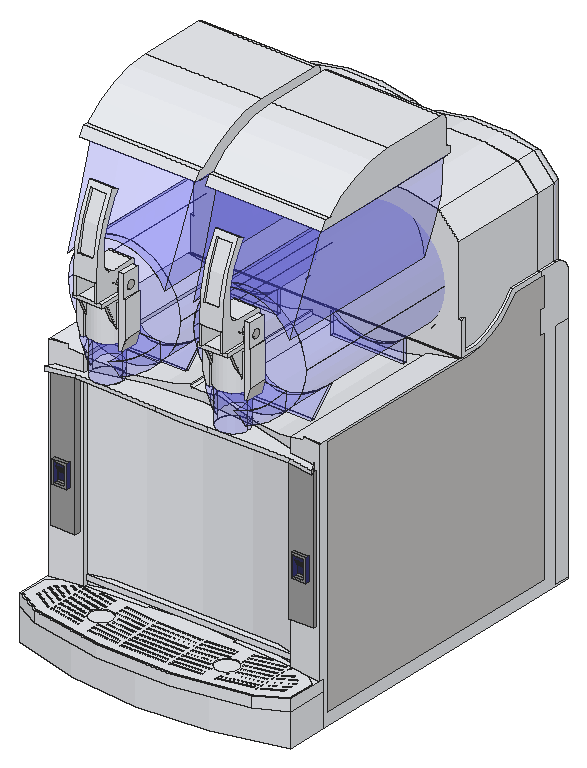
Revit family "QF_ELECTROLUXPROFESSIONAL_560050_NINA2UK", category Specialty Equipment, Revit 2018 (continued)
Automatic sketch dimensions
  curve 30 to curve 58 = 0.0 mm  (x2)
  curve 30 to curve 59 = 0.0 mm  (x2)
  curve 30 to curve 60 = 0.0 mm  (x2)
  curve 30 to curve 61 = 0.0 mm  (x2)
  curve 30 to curve 62 = 0.0 mm  (x2)
  curve 30 to curve 63 = 0.0 mm  (x2)
  curve 30 to curve 64 = 0.0 mm  (x2)
  curve 30 to curve 65 = 0.0 mm  (x2)
  curve 30 to curve 66 = 0.0 mm  (x2)
  curve 30 to curve 67 = 0.0 mm  (x2)
  curve 30 to curve 68 = 0.0 mm  (x2)
  curve 30 to curve 69 = 0.0 mm  (x2)
  curve 30 to curve 70 = 0.0 mm  (x2)
  curve 30 to curve 71 = 0.0 mm  (x2)
  curve 30 to curve 72 = 0.0 mm  (x2)
  curve 30 to curve 91 = 0.0 mm  (x2)
  curve 30 to curve 92 = 0.0 mm  (x2)
  curve 30 to curve 93 = 0.0 mm  (x2)
  curve 30 to curve 94 = 0.0 mm  (x2)
  curve 30 to curve 95 = 0.0 mm  (x2)
  curve 30 to curve 96 = 0.0 mm  (x2)
  curve 30 to curve 97 = 0.0 mm  (x2)
  curve 30 to curve 98 = 0.0 mm  (x2)
  curve 30 to curve 99 = 0.0 mm  (x2)
  curve 30 to curve 100 = 0.0 mm  (x2)
  curve 30 to curve 101 = 0.0 mm  (x2)
  curve 30 to curve 116 = 0.0 mm  (x2)
  curve 30 to curve 117 = 0.0 mm  (x2)
  curve 30 to curve 134 = 0.0 mm  (x2)
  curve 30 to curve 135 = 0.0 mm  (x2)
  curve 30 to curve 136 = 0.0 mm  (x2)
  curve 30 to curve 137 = 0.0 mm  (x2)
  curve 30 to curve 138 = 0.0 mm  (x2)
  curve 30 to curve 139 = 0.0 mm  (x2)
  curve 30 to curve 140 = 0.0 mm  (x2)
  curve 30 to curve 141 = 0.0 mm  (x2)
  curve 30 to curve 142 = 0.0 mm  (x2)
  curve 30 to curve 143 = 0.0 mm  (x2)
  curve 30 to curve 144 = 0.0 mm  (x2)
  curve 30 to curve 145 = 0.0 mm  (x2)
  curve 30 to curve 146 = 0.0 mm  (x2)
  curve 30 to curve 147 = 0.0 mm  (x2)
  curve 30 to curve 148 = 0.0 mm  (x2)
  curve 30 to curve 167 = 0.0 mm  (x2)
  curve 30 to curve 168 = 0.0 mm  (x2)
  curve 30 to curve 169 = 0.0 mm  (x2)
  curve 30 to curve 170 = 0.0 mm  (x2)
  curve 30 to curve 171 = 0.0 mm  (x2)
  curve 30 to curve 172 = 0.0 mm  (x2)
  curve 30 to curve 173 = 0.0 mm  (x2)
  curve 30 to curve 174 = 0.0 mm  (x2)
  curve 30 to curve 175 = 0.0 mm  (x2)
  curve 30 to curve 176 = 0.0 mm  (x2)
  curve 30 to curve 177 = 0.0 mm  (x2)
  curve 31 to curve 32 = 0.0 mm  (x2)
  curve 31 to curve 33 = 0.0 mm  (x2)
  curve 31 to curve 34 = 0.0 mm  (x2)
  curve 31 to curve 35 = 0.0 mm  (x2)
  curve 31 to curve 36 = 0.0 mm  (x2)
  curve 31 to curve 37 = 0.0 mm  (x2)
  curve 31 to curve 38 = 0.0 mm  (x2)
  curve 31 to curve 39 = 0.0 mm  (x2)
  curve 31 to curve 40 = 0.0 mm  (x2)
  curve 31 to curve 41 = 0.0 mm  (x2)
  curve 31 to curve 58 = 0.0 mm  (x2)
  curve 31 to curve 59 = 0.0 mm  (x2)
  curve 31 to curve 60 = 0.0 mm  (x2)
  curve 31 to curve 61 = 0.0 mm  (x2)
  curve 31 to curve 62 = 0.0 mm  (x2)
  curve 31 to curve 63 = 0.0 mm  (x2)
  curve 31 to curve 64 = 0.0 mm  (x2)
  curve 31 to curve 65 = 0.0 mm  (x2)
  curve 31 to curve 66 = 0.0 mm  (x2)
  curve 31 to curve 67 = 0.0 mm  (x2)
  curve 31 to curve 68 = 0.0 mm  (x2)
  curve 31 to curve 69 = 0.0 mm  (x2)
  curve 31 to curve 70 = 0.0 mm  (x2)
  curve 31 to curve 71 = 0.0 mm  (x2)
  curve 31 to curve 72 = 0.0 mm  (x2)
  curve 31 to curve 91 = 0.0 mm  (x2)
  curve 31 to curve 92 = 0.0 mm  (x2)
  curve 31 to curve 93 = 0.0 mm  (x2)
  curve 31 to curve 94 = 0.0 mm  (x2)
  curve 31 to curve 95 = 0.0 mm  (x2)
  curve 31 to curve 96 = 0.0 mm  (x2)
  curve 31 to curve 97 = 0.0 mm  (x2)
  curve 31 to curve 98 = 0.0 mm  (x2)
  curve 31 to curve 99 = 0.0 mm  (x2)
  curve 31 to curve 100 = 0.0 mm  (x2)
  curve 31 to curve 101 = 0.0 mm  (x2)
  curve 31 to curve 116 = 0.0 mm  (x2)
  curve 31 to curve 117 = 0.0 mm  (x2)
  curve 31 to curve 134 = 0.0 mm  (x2)
  curve 31 to curve 135 = 0.0 mm  (x2)
  curve 31 to curve 136 = 0.0 mm  (x2)
  curve 31 to curve 137 = 0.0 mm  (x2)
  curve 31 to curve 138 = 0.0 mm  (x2)
  curve 31 to curve 139 = 0.0 mm  (x2)
  curve 31 to curve 140 = 0.0 mm  (x2)
  curve 31 to curve 141 = 0.0 mm  (x2)
  curve 31 to curve 142 = 0.0 mm  (x2)
  curve 31 to curve 143 = 0.0 mm  (x2)
  curve 31 to curve 144 = 0.0 mm  (x2)
  curve 31 to curve 145 = 0.0 mm  (x2)
  curve 31 to curve 146 = 0.0 mm  (x2)
  curve 31 to curve 147 = 0.0 mm  (x2)
  curve 31 to curve 148 = 0.0 mm  (x2)
  curve 31 to curve 167 = 0.0 mm  (x2)
  curve 31 to curve 168 = 0.0 mm  (x2)
  curve 31 to curve 169 = 0.0 mm  (x2)
  curve 31 to curve 170 = 0.0 mm  (x2)
  curve 31 to curve 171 = 0.0 mm  (x2)
  curve 31 to curve 172 = 0.0 mm  (x2)
  curve 31 to curve 173 = 0.0 mm  (x2)
  curve 31 to curve 174 = 0.0 mm  (x2)
  curve 31 to curve 175 = 0.0 mm  (x2)
  curve 31 to curve 176 = 0.0 mm  (x2)
  curve 31 to curve 177 = 0.0 mm  (x2)
  curve 32 to curve 33 = 0.0 mm  (x2)
  curve 32 to curve 34 = 0.0 mm  (x2)
  curve 32 to curve 35 = 0.0 mm  (x2)
  curve 32 to curve 36 = 0.0 mm  (x2)
  curve 32 to curve 37 = 0.0 mm  (x2)
  curve 32 to curve 38 = 0.0 mm  (x2)
  curve 32 to curve 39 = 0.0 mm  (x2)
  curve 32 to curve 40 = 0.0 mm  (x2)
  curve 32 to curve 41 = 0.0 mm  (x2)
  curve 32 to curve 58 = 0.0 mm  (x2)
  curve 32 to curve 59 = 0.0 mm  (x2)
  curve 32 to curve 60 = 0.0 mm  (x2)
  curve 32 to curve 61 = 0.0 mm  (x2)
  curve 32 to curve 62 = 0.0 mm  (x2)
  curve 32 to curve 63 = 0.0 mm  (x2)
  curve 32 to curve 64 = 0.0 mm  (x2)
  curve 32 to curve 65 = 0.0 mm  (x2)
  curve 32 to curve 66 = 0.0 mm  (x2)
  curve 32 to curve 67 = 0.0 mm  (x2)
  curve 32 to curve 68 = 0.0 mm  (x2)
  curve 32 to curve 69 = 0.0 mm  (x2)
  curve 32 to curve 70 = 0.0 mm  (x2)
  curve 32 to curve 71 = 0.0 mm  (x2)
  curve 32 to curve 72 = 0.0 mm  (x2)
  curve 32 to curve 91 = 0.0 mm  (x2)
  curve 32 to curve 92 = 0.0 mm  (x2)
  curve 32 to curve 93 = 0.0 mm  (x2)
  curve 32 to curve 94 = 0.0 mm  (x2)
  curve 32 to curve 95 = 0.0 mm  (x2)
  curve 32 to curve 96 = 0.0 mm  (x2)
  curve 32 to curve 97 = 0.0 mm  (x2)
  curve 32 to curve 98 = 0.0 mm  (x2)
  curve 32 to curve 99 = 0.0 mm  (x2)
  curve 32 to curve 100 = 0.0 mm  (x2)
  curve 32 to curve 101 = 0.0 mm  (x2)
  curve 32 to curve 116 = 0.0 mm  (x2)
  curve 32 to curve 117 = 0.0 mm  (x2)
  curve 32 to curve 134 = 0.0 mm  (x2)
  curve 32 to curve 135 = 0.0 mm  (x2)
  curve 32 to curve 136 = 0.0 mm  (x2)
  curve 32 to curve 137 = 0.0 mm  (x2)
  curve 32 to curve 138 = 0.0 mm  (x2)
  curve 32 to curve 139 = 0.0 mm  (x2)
  curve 32 to curve 140 = 0.0 mm  (x2)
  curve 32 to curve 141 = 0.0 mm  (x2)
  curve 32 to curve 142 = 0.0 mm  (x2)
  curve 32 to curve 143 = 0.0 mm  (x2)
  curve 32 to curve 144 = 0.0 mm  (x2)
  curve 32 to curve 145 = 0.0 mm  (x2)
  curve 32 to curve 146 = 0.0 mm  (x2)
  curve 32 to curve 147 = 0.0 mm  (x2)
  curve 32 to curve 148 = 0.0 mm  (x2)
  curve 32 to curve 167 = 0.0 mm  (x2)
  curve 32 to curve 168 = 0.0 mm  (x2)
  curve 32 to curve 169 = 0.0 mm  (x2)
  curve 32 to curve 170 = 0.0 mm  (x2)
  curve 32 to curve 171 = 0.0 mm  (x2)
  curve 32 to curve 172 = 0.0 mm  (x2)
  curve 32 to curve 173 = 0.0 mm  (x2)
  curve 32 to curve 174 = 0.0 mm  (x2)
  curve 32 to curve 175 = 0.0 mm  (x2)
  curve 32 to curve 176 = 0.0 mm  (x2)
  curve 32 to curve 177 = 0.0 mm  (x2)
  curve 33 to curve 34 = 0.0 mm  (x2)
  curve 33 to curve 35 = 0.0 mm  (x2)
  curve 33 to curve 36 = 0.0 mm  (x2)
  curve 33 to curve 37 = 0.0 mm  (x2)
  curve 33 to curve 38 = 0.0 mm  (x2)
  curve 33 to curve 39 = 0.0 mm  (x2)
  curve 33 to curve 40 = 0.0 mm  (x2)
  curve 33 to curve 41 = 0.0 mm  (x2)
  curve 33 to curve 58 = 0.0 mm  (x2)
  curve 33 to curve 59 = 0.0 mm  (x2)
  curve 33 to curve 60 = 0.0 mm  (x2)
  curve 33 to curve 61 = 0.0 mm  (x2)
  curve 33 to curve 62 = 0.0 mm  (x2)
  curve 33 to curve 63 = 0.0 mm  (x2)
  curve 33 to curve 64 = 0.0 mm  (x2)
  curve 33 to curve 65 = 0.0 mm  (x2)
  curve 33 to curve 66 = 0.0 mm  (x2)
  curve 33 to curve 67 = 0.0 mm  (x2)
  curve 33 to curve 68 = 0.0 mm  (x2)
  curve 33 to curve 69 = 0.0 mm  (x2)
  curve 33 to curve 70 = 0.0 mm  (x2)
  curve 33 to curve 71 = 0.0 mm  (x2)
  curve 33 to curve 72 = 0.0 mm  (x2)
  curve 33 to curve 91 = 0.0 mm  (x2)
  curve 33 to curve 92 = 0.0 mm  (x2)
  curve 33 to curve 93 = 0.0 mm  (x2)
  curve 33 to curve 94 = 0.0 mm  (x2)
  curve 33 to curve 95 = 0.0 mm  (x2)
  curve 33 to curve 96 = 0.0 mm  (x2)
  curve 33 to curve 97 = 0.0 mm  (x2)
  curve 33 to curve 98 = 0.0 mm  (x2)
  curve 33 to curve 99 = 0.0 mm  (x2)
  curve 33 to curve 100 = 0.0 mm  (x2)
  curve 33 to curve 101 = 0.0 mm  (x2)
  curve 33 to curve 116 = 0.0 mm  (x2)
  curve 33 to curve 117 = 0.0 mm  (x2)
  curve 33 to curve 134 = 0.0 mm  (x2)
  curve 33 to curve 135 = 0.0 mm  (x2)
  curve 33 to curve 136 = 0.0 mm  (x2)
  curve 33 to curve 137 = 0.0 mm  (x2)
  curve 33 to curve 138 = 0.0 mm  (x2)
  curve 33 to curve 139 = 0.0 mm  (x2)
  curve 33 to curve 140 = 0.0 mm  (x2)
  curve 33 to curve 141 = 0.0 mm  (x2)
  curve 33 to curve 142 = 0.0 mm  (x2)
  curve 33 to curve 143 = 0.0 mm  (x2)
  curve 33 to curve 144 = 0.0 mm  (x2)
  curve 33 to curve 145 = 0.0 mm  (x2)
  curve 33 to curve 146 = 0.0 mm  (x2)
  curve 33 to curve 147 = 0.0 mm  (x2)
  curve 33 to curve 148 = 0.0 mm  (x2)
  curve 33 to curve 167 = 0.0 mm  (x2)
  curve 33 to curve 168 = 0.0 mm  (x2)
  curve 33 to curve 169 = 0.0 mm  (x2)
  curve 33 to curve 170 = 0.0 mm  (x2)
  curve 33 to curve 171 = 0.0 mm  (x2)
  curve 33 to curve 172 = 0.0 mm  (x2)
  curve 33 to curve 173 = 0.0 mm  (x2)
  curve 33 to curve 174 = 0.0 mm  (x2)
  curve 33 to curve 175 = 0.0 mm  (x2)
  curve 33 to curve 176 = 0.0 mm  (x2)
  curve 33 to curve 177 = 0.0 mm  (x2)
  curve 34 to curve 35 = 0.0 mm  (x2)
  curve 34 to curve 36 = 0.0 mm  (x2)
  curve 34 to curve 37 = 0.0 mm  (x2)
  curve 34 to curve 38 = 0.0 mm  (x2)
  curve 34 to curve 39 = 0.0 mm  (x2)
  curve 34 to curve 40 = 0.0 mm  (x2)
  curve 34 to curve 41 = 0.0 mm  (x2)
  curve 34 to curve 58 = 0.0 mm  (x2)
  curve 34 to curve 59 = 0.0 mm  (x2)
  curve 34 to curve 60 = 0.0 mm  (x2)
  curve 34 to curve 61 = 0.0 mm  (x2)
  curve 34 to curve 62 = 0.0 mm  (x2)
  curve 34 to curve 63 = 0.0 mm  (x2)
  curve 34 to curve 64 = 0.0 mm  (x2)
  curve 34 to curve 65 = 0.0 mm  (x2)
  curve 34 to curve 66 = 0.0 mm  (x2)
  curve 34 to curve 67 = 0.0 mm  (x2)
  curve 34 to curve 68 = 0.0 mm  (x2)
  curve 34 to curve 69 = 0.0 mm  (x2)
  curve 34 to curve 70 = 0.0 mm  (x2)
  curve 34 to curve 71 = 0.0 mm  (x2)
  curve 34 to curve 72 = 0.0 mm  (x2)
  curve 34 to curve 91 = 0.0 mm  (x2)
  curve 34 to curve 92 = 0.0 mm  (x2)
  curve 34 to curve 93 = 0.0 mm  (x2)
  curve 34 to curve 94 = 0.0 mm  (x2)
  curve 34 to curve 95 = 0.0 mm  (x2)
  curve 34 to curve 96 = 0.0 mm  (x2)
  curve 34 to curve 97 = 0.0 mm  (x2)
  curve 34 to curve 98 = 0.0 mm  (x2)
  curve 34 to curve 99 = 0.0 mm  (x2)
  curve 34 to curve 100 = 0.0 mm  (x2)
  curve 34 to curve 101 = 0.0 mm  (x2)
  curve 34 to curve 116 = 0.0 mm  (x2)
  curve 34 to curve 117 = 0.0 mm  (x2)
  curve 34 to curve 134 = 0.0 mm  (x2)
  curve 34 to curve 135 = 0.0 mm  (x2)
  curve 34 to curve 136 = 0.0 mm  (x2)
  curve 34 to curve 137 = 0.0 mm  (x2)
  curve 34 to curve 138 = 0.0 mm  (x2)
  curve 34 to curve 139 = 0.0 mm  (x2)
  curve 34 to curve 140 = 0.0 mm  (x2)
  curve 34 to curve 141 = 0.0 mm  (x2)
  curve 34 to curve 142 = 0.0 mm  (x2)
  curve 34 to curve 143 = 0.0 mm  (x2)
  curve 34 to curve 144 = 0.0 mm  (x2)
  curve 34 to curve 145 = 0.0 mm  (x2)
  curve 34 to curve 146 = 0.0 mm  (x2)
  curve 34 to curve 147 = 0.0 mm  (x2)
  curve 34 to curve 148 = 0.0 mm  (x2)
  curve 34 to curve 167 = 0.0 mm  (x2)
  curve 34 to curve 168 = 0.0 mm  (x2)
  curve 34 to curve 169 = 0.0 mm  (x2)
  curve 34 to curve 170 = 0.0 mm  (x2)
  curve 34 to curve 171 = 0.0 mm  (x2)
  curve 34 to curve 172 = 0.0 mm  (x2)
  curve 34 to curve 173 = 0.0 mm  (x2)
  curve 34 to curve 174 = 0.0 mm  (x2)
  curve 34 to curve 175 = 0.0 mm  (x2)
  curve 34 to curve 176 = 0.0 mm  (x2)
  curve 34 to curve 177 = 0.0 mm  (x2)
  curve 35 to curve 36 = 0.0 mm  (x2)
  curve 35 to curve 37 = 0.0 mm  (x2)
  curve 35 to curve 38 = 0.0 mm  (x2)
  curve 35 to curve 39 = 0.0 mm  (x2)
  curve 35 to curve 40 = 0.0 mm  (x2)
  curve 35 to curve 41 = 0.0 mm  (x2)
  curve 35 to curve 58 = 0.0 mm  (x2)
  curve 35 to curve 59 = 0.0 mm  (x2)
  curve 35 to curve 60 = 0.0 mm  (x2)
  curve 35 to curve 61 = 0.0 mm  (x2)
  curve 35 to curve 62 = 0.0 mm  (x2)
  curve 35 to curve 63 = 0.0 mm  (x2)
  curve 35 to curve 64 = 0.0 mm  (x2)
  curve 35 to curve 65 = 0.0 mm  (x2)
  curve 35 to curve 66 = 0.0 mm  (x2)
  curve 35 to curve 67 = 0.0 mm  (x2)
  curve 35 to curve 68 = 0.0 mm  (x2)
  curve 35 to curve 69 = 0.0 mm  (x2)
  curve 35 to curve 70 = 0.0 mm  (x2)
  curve 35 to curve 71 = 0.0 mm  (x2)
  curve 35 to curve 72 = 0.0 mm  (x2)
  curve 35 to curve 91 = 0.0 mm  (x2)
  curve 35 to curve 92 = 0.0 mm  (x2)
  curve 35 to curve 93 = 0.0 mm  (x2)
  curve 35 to curve 94 = 0.0 mm  (x2)
  curve 35 to curve 95 = 0.0 mm  (x2)
  curve 35 to curve 96 = 0.0 mm  (x2)
  curve 35 to curve 97 = 0.0 mm  (x2)
  curve 35 to curve 98 = 0.0 mm  (x2)
  curve 35 to curve 99 = 0.0 mm  (x2)
  curve 35 to curve 100 = 0.0 mm  (x2)
  curve 35 to curve 101 = 0.0 mm  (x2)
  curve 35 to curve 116 = 0.0 mm  (x2)
  curve 35 to curve 117 = 0.0 mm  (x2)
  curve 35 to curve 134 = 0.0 mm  (x2)
  curve 35 to curve 135 = 0.0 mm  (x2)
  curve 35 to curve 136 = 0.0 mm  (x2)
  curve 35 to curve 137 = 0.0 mm  (x2)
  curve 35 to curve 138 = 0.0 mm  (x2)
  curve 35 to curve 139 = 0.0 mm  (x2)
  curve 35 to curve 140 = 0.0 mm  (x2)
  curve 35 to curve 141 = 0.0 mm  (x2)
  curve 35 to curve 142 = 0.0 mm  (x2)
  curve 35 to curve 143 = 0.0 mm  (x2)
  curve 35 to curve 144 = 0.0 mm  (x2)
  curve 35 to curve 145 = 0.0 mm  (x2)
  curve 35 to curve 146 = 0.0 mm  (x2)
  curve 35 to curve 147 = 0.0 mm  (x2)
  curve 35 to curve 148 = 0.0 mm  (x2)
  curve 35 to curve 167 = 0.0 mm  (x2)
  curve 35 to curve 168 = 0.0 mm  (x2)
  curve 35 to curve 169 = 0.0 mm  (x2)
  curve 35 to curve 170 = 0.0 mm  (x2)
  curve 35 to curve 171 = 0.0 mm  (x2)
  curve 35 to curve 172 = 0.0 mm  (x2)
  curve 35 to curve 173 = 0.0 mm  (x2)
  curve 35 to curve 174 = 0.0 mm  (x2)
  curve 35 to curve 175 = 0.0 mm  (x2)
  curve 35 to curve 176 = 0.0 mm  (x2)
  curve 35 to curve 177 = 0.0 mm  (x2)
  curve 36 to curve 37 = 0.0 mm  (x2)
  curve 36 to curve 38 = 0.0 mm  (x2)
  curve 36 to curve 39 = 0.0 mm  (x2)
  curve 36 to curve 40 = 0.0 mm  (x2)
  curve 36 to curve 41 = 0.0 mm  (x2)
  curve 36 to curve 58 = 0.0 mm  (x2)
  curve 36 to curve 59 = 0.0 mm  (x2)
  curve 36 to curve 60 = 0.0 mm  (x2)
  curve 36 to curve 61 = 0.0 mm  (x2)
  curve 36 to curve 62 = 0.0 mm  (x2)
  curve 36 to curve 63 = 0.0 mm  (x2)
  curve 36 to curve 64 = 0.0 mm  (x2)
  curve 36 to curve 65 = 0.0 mm  (x2)
  curve 36 to curve 66 = 0.0 mm  (x2)
  curve 36 to curve 67 = 0.0 mm  (x2)
  curve 36 to curve 68 = 0.0 mm  (x2)
  curve 36 to curve 69 = 0.0 mm  (x2)
  curve 36 to curve 70 = 0.0 mm  (x2)
  curve 36 to curve 71 = 0.0 mm  (x2)
  curve 36 to curve 72 = 0.0 mm  (x2)
  curve 36 to curve 91 = 0.0 mm  (x2)
  curve 36 to curve 92 = 0.0 mm  (x2)
  curve 36 to curve 93 = 0.0 mm  (x2)
  curve 36 to curve 94 = 0.0 mm  (x2)
  curve 36 to curve 95 = 0.0 mm  (x2)
  curve 36 to curve 96 = 0.0 mm  (x2)
  curve 36 to curve 97 = 0.0 mm  (x2)
  curve 36 to curve 98 = 0.0 mm  (x2)
  curve 36 to curve 99 = 0.0 mm  (x2)
  curve 36 to curve 100 = 0.0 mm  (x2)
  curve 36 to curve 101 = 0.0 mm  (x2)
  curve 36 to curve 116 = 0.0 mm  (x2)
  curve 36 to curve 117 = 0.0 mm  (x2)
  curve 36 to curve 134 = 0.0 mm  (x2)
  curve 36 to curve 135 = 0.0 mm  (x2)
  curve 36 to curve 136 = 0.0 mm  (x2)
  curve 36 to curve 137 = 0.0 mm  (x2)
  curve 36 to curve 138 = 0.0 mm  (x2)
  curve 36 to curve 139 = 0.0 mm  (x2)
  curve 36 to curve 140 = 0.0 mm  (x2)
  curve 36 to curve 141 = 0.0 mm  (x2)
  curve 36 to curve 142 = 0.0 mm  (x2)
  curve 36 to curve 143 = 0.0 mm  (x2)
  curve 36 to curve 144 = 0.0 mm  (x2)
  curve 36 to curve 145 = 0.0 mm  (x2)
  curve 36 to curve 146 = 0.0 mm  (x2)
  curve 36 to curve 147 = 0.0 mm  (x2)
  curve 36 to curve 148 = 0.0 mm  (x2)
  curve 36 to curve 167 = 0.0 mm  (x2)
  curve 36 to curve 168 = 0.0 mm  (x2)
  curve 36 to curve 169 = 0.0 mm  (x2)
  curve 36 to curve 170 = 0.0 mm  (x2)
  curve 36 to curve 171 = 0.0 mm  (x2)
  curve 36 to curve 172 = 0.0 mm  (x2)
  curve 36 to curve 173 = 0.0 mm  (x2)
  curve 36 to curve 174 = 0.0 mm  (x2)
  curve 36 to curve 175 = 0.0 mm  (x2)
  curve 36 to curve 176 = 0.0 mm  (x2)
  curve 36 to curve 177 = 0.0 mm  (x2)
  curve 37 to curve 38 = 0.0 mm  (x2)
  curve 37 to curve 39 = 0.0 mm  (x2)
  curve 37 to curve 40 = 0.0 mm  (x2)
  curve 37 to curve 41 = 0.0 mm  (x2)
  curve 37 to curve 58 = 0.0 mm  (x2)
  curve 37 to curve 59 = 0.0 mm  (x2)
  curve 37 to curve 60 = 0.0 mm  (x2)
  curve 37 to curve 61 = 0.0 mm  (x2)
  curve 37 to curve 62 = 0.0 mm  (x2)
  curve 37 to curve 63 = 0.0 mm  (x2)
  curve 37 to curve 64 = 0.0 mm  (x2)
  curve 37 to curve 65 = 0.0 mm  (x2)
  curve 37 to curve 66 = 0.0 mm  (x2)
  curve 37 to curve 67 = 0.0 mm  (x2)
  curve 37 to curve 68 = 0.0 mm  (x2)
  curve 37 to curve 69 = 0.0 mm  (x2)
  curve 37 to curve 70 = 0.0 mm  (x2)
  curve 37 to curve 71 = 0.0 mm  (x2)
  curve 37 to curve 72 = 0.0 mm  (x2)
  curve 37 to curve 91 = 0.0 mm  (x2)
  curve 37 to curve 92 = 0.0 mm  (x2)
  curve 37 to curve 93 = 0.0 mm  (x2)
  curve 37 to curve 94 = 0.0 mm  (x2)
  curve 37 to curve 95 = 0.0 mm  (x2)
  curve 37 to curve 96 = 0.0 mm  (x2)
  curve 37 to curve 97 = 0.0 mm  (x2)
  curve 37 to curve 98 = 0.0 mm  (x2)
  curve 37 to curve 99 = 0.0 mm  (x2)
  curve 37 to curve 100 = 0.0 mm  (x2)
  curve 37 to curve 101 = 0.0 mm  (x2)
  curve 37 to curve 116 = 0.0 mm  (x2)
  curve 37 to curve 117 = 0.0 mm  (x2)
  curve 37 to curve 134 = 0.0 mm  (x2)
  curve 37 to curve 135 = 0.0 mm  (x2)
  curve 37 to curve 136 = 0.0 mm  (x2)
  curve 37 to curve 137 = 0.0 mm  (x2)
  curve 37 to curve 138 = 0.0 mm  (x2)
  curve 37 to curve 139 = 0.0 mm  (x2)
  curve 37 to curve 140 = 0.0 mm  (x2)
  curve 37 to curve 141 = 0.0 mm  (x2)
  curve 37 to curve 142 = 0.0 mm  (x2)
  curve 37 to curve 143 = 0.0 mm  (x2)
  curve 37 to curve 144 = 0.0 mm  (x2)
  curve 37 to curve 145 = 0.0 mm  (x2)
  curve 37 to curve 146 = 0.0 mm  (x2)
  curve 37 to curve 147 = 0.0 mm  (x2)
  curve 37 to curve 148 = 0.0 mm  (x2)
  curve 37 to curve 167 = 0.0 mm  (x2)
  curve 37 to curve 168 = 0.0 mm  (x2)
  curve 37 to curve 169 = 0.0 mm  (x2)
  curve 37 to curve 170 = 0.0 mm  (x2)
  curve 37 to curve 171 = 0.0 mm  (x2)
  curve 37 to curve 172 = 0.0 mm  (x2)
  curve 37 to curve 173 = 0.0 mm  (x2)
  curve 37 to curve 174 = 0.0 mm  (x2)
  curve 37 to curve 175 = 0.0 mm  (x2)
  curve 37 to curve 176 = 0.0 mm  (x2)
  curve 37 to curve 177 = 0.0 mm  (x2)
  curve 38 to curve 39 = 0.0 mm  (x2)
  curve 38 to curve 40 = 0.0 mm  (x2)
  curve 38 to curve 41 = 0.0 mm  (x2)
  curve 38 to curve 58 = 0.0 mm  (x2)
  curve 38 to curve 59 = 0.0 mm  (x2)
  curve 38 to curve 60 = 0.0 mm  (x2)
  curve 38 to curve 61 = 0.0 mm  (x2)
  curve 38 to curve 62 = 0.0 mm  (x2)
  curve 38 to curve 63 = 0.0 mm  (x2)
  curve 38 to curve 64 = 0.0 mm  (x2)
  curve 38 to curve 65 = 0.0 mm  (x2)
  curve 38 to curve 66 = 0.0 mm  (x2)
  curve 38 to curve 67 = 0.0 mm  (x2)
  curve 38 to curve 68 = 0.0 mm  (x2)
  curve 38 to curve 69 = 0.0 mm  (x2)
  curve 38 to curve 70 = 0.0 mm  (x2)
  curve 38 to curve 71 = 0.0 mm  (x2)
  curve 38 to curve 72 = 0.0 mm  (x2)
  curve 38 to curve 91 = 0.0 mm  (x2)
  curve 38 to curve 92 = 0.0 mm  (x2)
  curve 38 to curve 93 = 0.0 mm  (x2)
  curve 38 to curve 94 = 0.0 mm  (x2)
  curve 38 to curve 95 = 0.0 mm  (x2)
  curve 38 to curve 96 = 0.0 mm  (x2)
  curve 38 to curve 97 = 0.0 mm  (x2)
  curve 38 to curve 98 = 0.0 mm  (x2)
  curve 38 to curve 99 = 0.0 mm  (x2)
  curve 38 to curve 100 = 0.0 mm  (x2)
  curve 38 to curve 101 = 0.0 mm  (x2)
  curve 38 to curve 116 = 0.0 mm  (x2)
  curve 38 to curve 117 = 0.0 mm  (x2)
  curve 38 to curve 134 = 0.0 mm  (x2)
  curve 38 to curve 135 = 0.0 mm  (x2)
  curve 38 to curve 136 = 0.0 mm  (x2)
  curve 38 to curve 137 = 0.0 mm  (x2)
  curve 38 to curve 138 = 0.0 mm  (x2)
  curve 38 to curve 139 = 0.0 mm  (x2)
  curve 38 to curve 140 = 0.0 mm  (x2)
  curve 38 to curve 141 = 0.0 mm  (x2)
  curve 38 to curve 142 = 0.0 mm  (x2)
  curve 38 to curve 143 = 0.0 mm  (x2)
  curve 38 to curve 144 = 0.0 mm  (x2)
  curve 38 to curve 145 = 0.0 mm  (x2)
  curve 38 to curve 146 = 0.0 mm  (x2)
  curve 38 to curve 147 = 0.0 mm  (x2)
  curve 38 to curve 148 = 0.0 mm  (x2)
  curve 38 to curve 167 = 0.0 mm  (x2)
  curve 38 to curve 168 = 0.0 mm  (x2)
  curve 38 to curve 169 = 0.0 mm  (x2)
  curve 38 to curve 170 = 0.0 mm  (x2)
  curve 38 to curve 171 = 0.0 mm  (x2)
  curve 38 to curve 172 = 0.0 mm  (x2)
  curve 38 to curve 173 = 0.0 mm  (x2)
  curve 38 to curve 174 = 0.0 mm  (x2)
  curve 38 to curve 175 = 0.0 mm  (x2)
  curve 38 to curve 176 = 0.0 mm  (x2)
  curve 38 to curve 177 = 0.0 mm  (x2)
  curve 39 to curve 40 = 0.0 mm  (x2)
  curve 39 to curve 41 = 0.0 mm  (x2)
  curve 39 to curve 58 = 0.0 mm  (x2)
  curve 39 to curve 59 = 0.0 mm  (x2)
  curve 39 to curve 60 = 0.0 mm  (x2)
  curve 39 to curve 61 = 0.0 mm  (x2)
  curve 39 to curve 62 = 0.0 mm  (x2)
  curve 39 to curve 63 = 0.0 mm  (x2)
  curve 39 to curve 64 = 0.0 mm  (x2)
  curve 39 to curve 65 = 0.0 mm  (x2)
  curve 39 to curve 66 = 0.0 mm  (x2)
  curve 39 to curve 67 = 0.0 mm  (x2)
  curve 39 to curve 68 = 0.0 mm  (x2)
  curve 39 to curve 69 = 0.0 mm  (x2)
  curve 39 to curve 70 = 0.0 mm  (x2)
  curve 39 to curve 71 = 0.0 mm  (x2)
  curve 39 to curve 72 = 0.0 mm  (x2)
  curve 39 to curve 91 = 0.0 mm  (x2)
  curve 39 to curve 92 = 0.0 mm  (x2)
  curve 39 to curve 93 = 0.0 mm  (x2)
  curve 39 to curve 94 = 0.0 mm  (x2)
  curve 39 to curve 95 = 0.0 mm  (x2)
  curve 39 to curve 96 = 0.0 mm  (x2)
  curve 39 to curve 97 = 0.0 mm  (x2)
  curve 39 to curve 98 = 0.0 mm  (x2)
  curve 39 to curve 99 = 0.0 mm  (x2)
  curve 39 to curve 100 = 0.0 mm  (x2)
  curve 39 to curve 101 = 0.0 mm  (x2)
  curve 39 to curve 116 = 0.0 mm  (x2)
  curve 39 to curve 117 = 0.0 mm  (x2)
  curve 39 to curve 134 = 0.0 mm  (x2)
  curve 39 to curve 135 = 0.0 mm  (x2)
  curve 39 to curve 136 = 0.0 mm  (x2)
  curve 39 to curve 137 = 0.0 mm  (x2)
  curve 39 to curve 138 = 0.0 mm  (x2)
  curve 39 to curve 139 = 0.0 mm  (x2)
  curve 39 to curve 140 = 0.0 mm  (x2)
  curve 39 to curve 141 = 0.0 mm  (x2)
  curve 39 to curve 142 = 0.0 mm  (x2)
  curve 39 to curve 143 = 0.0 mm  (x2)
  curve 39 to curve 144 = 0.0 mm  (x2)
  curve 39 to curve 145 = 0.0 mm  (x2)
  curve 39 to curve 146 = 0.0 mm  (x2)
  curve 39 to curve 147 = 0.0 mm  (x2)
  curve 39 to curve 148 = 0.0 mm  (x2)
  curve 39 to curve 167 = 0.0 mm  (x2)
  curve 39 to curve 168 = 0.0 mm  (x2)
  curve 39 to curve 169 = 0.0 mm  (x2)
  curve 39 to curve 170 = 0.0 mm  (x2)
  curve 39 to curve 171 = 0.0 mm  (x2)
  curve 39 to curve 172 = 0.0 mm  (x2)
  curve 39 to curve 173 = 0.0 mm  (x2)
  curve 39 to curve 174 = 0.0 mm  (x2)
  curve 39 to curve 175 = 0.0 mm  (x2)
  curve 39 to curve 176 = 0.0 mm  (x2)
  curve 39 to curve 177 = 0.0 mm  (x2)
  curve 40 to curve 41 = 0.0 mm  (x2)
  curve 40 to curve 58 = 0.0 mm  (x2)
  curve 40 to curve 59 = 0.0 mm  (x2)
  curve 40 to curve 60 = 0.0 mm  (x2)
  curve 40 to curve 61 = 0.0 mm  (x2)
  curve 40 to curve 62 = 0.0 mm  (x2)
  curve 40 to curve 63 = 0.0 mm  (x2)
  curve 40 to curve 64 = 0.0 mm  (x2)
  curve 40 to curve 65 = 0.0 mm  (x2)
  curve 40 to curve 66 = 0.0 mm  (x2)
  curve 40 to curve 67 = 0.0 mm  (x2)
  curve 40 to curve 68 = 0.0 mm  (x2)
  curve 40 to curve 69 = 0.0 mm  (x2)
  curve 40 to curve 70 = 0.0 mm  (x2)
  curve 40 to curve 71 = 0.0 mm  (x2)
  curve 40 to curve 72 = 0.0 mm  (x2)
  curve 40 to curve 91 = 0.0 mm  (x2)
  curve 40 to curve 92 = 0.0 mm  (x2)
  curve 40 to curve 93 = 0.0 mm  (x2)
  curve 40 to curve 94 = 0.0 mm  (x2)
  curve 40 to curve 95 = 0.0 mm  (x2)
  curve 40 to curve 96 = 0.0 mm  (x2)
  curve 40 to curve 97 = 0.0 mm  (x2)
  curve 40 to curve 98 = 0.0 mm  (x2)
  curve 40 to curve 99 = 0.0 mm  (x2)
  curve 40 to curve 100 = 0.0 mm  (x2)
  curve 40 to curve 101 = 0.0 mm  (x2)
  curve 40 to curve 116 = 0.0 mm  (x2)
  curve 40 to curve 117 = 0.0 mm  (x2)
  curve 40 to curve 134 = 0.0 mm  (x2)
  curve 40 to curve 135 = 0.0 mm  (x2)
  curve 40 to curve 136 = 0.0 mm  (x2)
  curve 40 to curve 137 = 0.0 mm  (x2)
  curve 40 to curve 138 = 0.0 mm  (x2)
  curve 40 to curve 139 = 0.0 mm  (x2)
  curve 40 to curve 140 = 0.0 mm  (x2)
  curve 40 to curve 141 = 0.0 mm  (x2)
  curve 40 to curve 142 = 0.0 mm  (x2)
  curve 40 to curve 143 = 0.0 mm  (x2)
  curve 40 to curve 144 = 0.0 mm  (x2)
  curve 40 to curve 145 = 0.0 mm  (x2)
  curve 40 to curve 146 = 0.0 mm  (x2)
  curve 40 to curve 147 = 0.0 mm  (x2)
  curve 40 to curve 148 = 0.0 mm  (x2)
  curve 40 to curve 167 = 0.0 mm  (x2)
  curve 40 to curve 168 = 0.0 mm  (x2)
  curve 40 to curve 169 = 0.0 mm  (x2)
  curve 40 to curve 170 = 0.0 mm  (x2)
  curve 40 to curve 171 = 0.0 mm  (x2)
  curve 40 to curve 172 = 0.0 mm  (x2)
  curve 40 to curve 173 = 0.0 mm  (x2)
  curve 40 to curve 174 = 0.0 mm  (x2)
  curve 40 to curve 175 = 0.0 mm  (x2)
  curve 40 to curve 176 = 0.0 mm  (x2)
  curve 40 to curve 177 = 0.0 mm  (x2)
  curve 41 to curve 58 = 0.0 mm  (x2)
  curve 41 to curve 59 = 0.0 mm  (x2)
  curve 41 to curve 60 = 0.0 mm  (x2)
  curve 41 to curve 61 = 0.0 mm  (x2)
  curve 41 to curve 62 = 0.0 mm  (x2)
  curve 41 to curve 63 = 0.0 mm  (x2)
  curve 41 to curve 64 = 0.0 mm  (x2)
  curve 41 to curve 65 = 0.0 mm  (x2)
  curve 41 to curve 66 = 0.0 mm  (x2)
  curve 41 to curve 67 = 0.0 mm  (x2)
  curve 41 to curve 68 = 0.0 mm  (x2)
  curve 41 to curve 69 = 0.0 mm  (x2)
  curve 41 to curve 70 = 0.0 mm  (x2)
  curve 41 to curve 71 = 0.0 mm  (x2)
  curve 41 to curve 72 = 0.0 mm  (x2)
  curve 41 to curve 91 = 0.0 mm  (x2)
  curve 41 to curve 92 = 0.0 mm  (x2)
  curve 41 to curve 93 = 0.0 mm  (x2)
  curve 41 to curve 94 = 0.0 mm  (x2)
  curve 41 to curve 95 = 0.0 mm  (x2)
  curve 41 to curve 96 = 0.0 mm  (x2)
  curve 41 to curve 97 = 0.0 mm  (x2)
  curve 41 to curve 98 = 0.0 mm  (x2)
  curve 41 to curve 99 = 0.0 mm  (x2)
  curve 41 to curve 100 = 0.0 mm  (x2)
  curve 41 to curve 101 = 0.0 mm  (x2)
  curve 41 to curve 116 = 0.0 mm  (x2)
  curve 41 to curve 117 = 0.0 mm  (x2)
  curve 41 to curve 134 = 0.0 mm  (x2)
  curve 41 to curve 135 = 0.0 mm  (x2)
  curve 41 to curve 136 = 0.0 mm  (x2)
  curve 41 to curve 137 = 0.0 mm  (x2)
  curve 41 to curve 138 = 0.0 mm  (x2)
  curve 41 to curve 139 = 0.0 mm  (x2)
  curve 41 to curve 140 = 0.0 mm  (x2)
  curve 41 to curve 141 = 0.0 mm  (x2)
  curve 41 to curve 142 = 0.0 mm  (x2)
  curve 41 to curve 143 = 0.0 mm  (x2)
  curve 41 to curve 144 = 0.0 mm  (x2)
  curve 41 to curve 145 = 0.0 mm  (x2)
  curve 41 to curve 146 = 0.0 mm  (x2)
  curve 41 to curve 147 = 0.0 mm  (x2)
  curve 41 to curve 148 = 0.0 mm  (x2)
  curve 41 to curve 167 = 0.0 mm  (x2)
  curve 41 to curve 168 = 0.0 mm  (x2)
  curve 41 to curve 169 = 0.0 mm  (x2)
  curve 41 to curve 170 = 0.0 mm  (x2)
  curve 41 to curve 171 = 0.0 mm  (x2)
  curve 41 to curve 172 = 0.0 mm  (x2)
  curve 41 to curve 173 = 0.0 mm  (x2)
  curve 41 to curve 174 = 0.0 mm  (x2)
  curve 41 to curve 175 = 0.0 mm  (x2)
  curve 41 to curve 176 = 0.0 mm  (x2)
  curve 41 to curve 177 = 0.0 mm  (x2)
  curve 58 to curve 59 = 0.0 mm  (x2)
  curve 58 to curve 60 = 0.0 mm  (x2)
  curve 58 to curve 61 = 0.0 mm  (x2)
  curve 58 to curve 62 = 0.0 mm  (x2)
  curve 58 to curve 63 = 0.0 mm  (x2)
  curve 58 to curve 64 = 0.0 mm  (x2)
  curve 58 to curve 65 = 0.0 mm  (x2)
  curve 58 to curve 66 = 0.0 mm  (x2)
  curve 58 to curve 67 = 0.0 mm  (x2)
  curve 58 to curve 68 = 0.0 mm  (x2)
  curve 58 to curve 69 = 0.0 mm  (x2)
  curve 58 to curve 70 = 0.0 mm  (x2)
  curve 58 to curve 71 = 0.0 mm  (x2)
  curve 58 to curve 72 = 0.0 mm  (x2)
  curve 58 to curve 91 = 0.0 mm  (x2)
  curve 58 to curve 92 = 0.0 mm  (x2)
  curve 58 to curve 93 = 0.0 mm  (x2)
  curve 58 to curve 94 = 0.0 mm  (x2)
  curve 58 to curve 95 = 0.0 mm  (x2)
  curve 58 to curve 96 = 0.0 mm  (x2)
  curve 58 to curve 97 = 0.0 mm  (x2)
  curve 58 to curve 98 = 0.0 mm  (x2)
  curve 58 to curve 99 = 0.0 mm  (x2)
  curve 58 to curve 100 = 0.0 mm  (x2)
  curve 58 to curve 101 = 0.0 mm  (x2)
  curve 58 to curve 116 = 0.0 mm  (x2)
  curve 58 to curve 117 = 0.0 mm  (x2)
  curve 58 to curve 134 = 0.0 mm  (x2)
  curve 58 to curve 135 = 0.0 mm  (x2)
  curve 58 to curve 136 = 0.0 mm  (x2)
  curve 58 to curve 137 = 0.0 mm  (x2)
  curve 58 to curve 138 = 0.0 mm  (x2)
  curve 58 to curve 139 = 0.0 mm  (x2)
  curve 58 to curve 140 = 0.0 mm  (x2)
  curve 58 to curve 141 = 0.0 mm  (x2)
  curve 58 to curve 142 = 0.0 mm  (x2)
  curve 58 to curve 143 = 0.0 mm  (x2)
  curve 58 to curve 144 = 0.0 mm  (x2)
  curve 58 to curve 145 = 0.0 mm  (x2)
  curve 58 to curve 146 = 0.0 mm  (x2)
  curve 58 to curve 147 = 0.0 mm  (x2)
  curve 58 to curve 148 = 0.0 mm  (x2)
  curve 58 to curve 167 = 0.0 mm  (x2)
  curve 58 to curve 168 = 0.0 mm  (x2)
  curve 58 to curve 169 = 0.0 mm  (x2)
  curve 58 to curve 170 = 0.0 mm  (x2)
  curve 58 to curve 171 = 0.0 mm  (x2)
  curve 58 to curve 172 = 0.0 mm  (x2)
  curve 58 to curve 173 = 0.0 mm  (x2)
  curve 58 to curve 174 = 0.0 mm  (x2)
  curve 58 to curve 175 = 0.0 mm  (x2)
  curve 58 to curve 176 = 0.0 mm  (x2)
  curve 58 to curve 177 = 0.0 mm  (x2)
  curve 59 to curve 60 = 0.0 mm  (x2)
  curve 59 to curve 61 = 0.0 mm  (x2)
  curve 59 to curve 62 = 0.0 mm  (x2)
  curve 59 to curve 63 = 0.0 mm  (x2)
  curve 59 to curve 64 = 0.0 mm  (x2)
  curve 59 to curve 65 = 0.0 mm  (x2)
  curve 59 to curve 66 = 0.0 mm  (x2)
  curve 59 to curve 67 = 0.0 mm  (x2)
  curve 59 to curve 68 = 0.0 mm  (x2)
  curve 59 to curve 69 = 0.0 mm  (x2)
  curve 59 to curve 70 = 0.0 mm  (x2)
  curve 59 to curve 71 = 0.0 mm  (x2)
  curve 59 to curve 72 = 0.0 mm  (x2)
  curve 59 to curve 91 = 0.0 mm  (x2)
  curve 59 to curve 92 = 0.0 mm  (x2)
  curve 59 to curve 93 = 0.0 mm  (x2)
  curve 59 to curve 94 = 0.0 mm  (x2)
  curve 59 to curve 95 = 0.0 mm  (x2)
  curve 59 to curve 96 = 0.0 mm  (x2)
  curve 59 to curve 97 = 0.0 mm  (x2)
  curve 59 to curve 98 = 0.0 mm  (x2)
  curve 59 to curve 99 = 0.0 mm  (x2)
  curve 59 to curve 100 = 0.0 mm  (x2)
  curve 59 to curve 101 = 0.0 mm  (x2)
  curve 59 to curve 116 = 0.0 mm  (x2)
  curve 59 to curve 117 = 0.0 mm  (x2)
  curve 59 to curve 134 = 0.0 mm  (x2)
  curve 59 to curve 135 = 0.0 mm  (x2)
  curve 59 to curve 136 = 0.0 mm  (x2)
  curve 59 to curve 137 = 0.0 mm  (x2)
  curve 59 to curve 138 = 0.0 mm  (x2)
  curve 59 to curve 139 = 0.0 mm  (x2)
  curve 59 to curve 140 = 0.0 mm  (x2)
  curve 59 to curve 141 = 0.0 mm  (x2)
  curve 59 to curve 142 = 0.0 mm  (x2)
  curve 59 to curve 143 = 0.0 mm  (x2)
  curve 59 to curve 144 = 0.0 mm  (x2)
  curve 59 to curve 145 = 0.0 mm  (x2)
  curve 59 to curve 146 = 0.0 mm  (x2)
  curve 59 to curve 147 = 0.0 mm  (x2)
  curve 59 to curve 148 = 0.0 mm  (x2)
  curve 59 to curve 167 = 0.0 mm  (x2)
  curve 59 to curve 168 = 0.0 mm  (x2)
  curve 59 to curve 169 = 0.0 mm  (x2)
  curve 59 to curve 170 = 0.0 mm  (x2)
  curve 59 to curve 171 = 0.0 mm  (x2)
  curve 59 to curve 172 = 0.0 mm  (x2)
  curve 59 to curve 173 = 0.0 mm  (x2)
  curve 59 to curve 174 = 0.0 mm  (x2)
  curve 59 to curve 175 = 0.0 mm  (x2)
  curve 59 to curve 176 = 0.0 mm  (x2)
  curve 59 to curve 177 = 0.0 mm  (x2)
  curve 60 to curve 61 = 0.0 mm  (x2)
  curve 60 to curve 62 = 0.0 mm  (x2)
  curve 60 to curve 63 = 0.0 mm  (x2)
  curve 60 to curve 64 = 0.0 mm  (x2)
  curve 60 to curve 65 = 0.0 mm  (x2)
  curve 60 to curve 66 = 0.0 mm  (x2)
  curve 60 to curve 67 = 0.0 mm  (x2)
  curve 60 to curve 68 = 0.0 mm  (x2)
  curve 60 to curve 69 = 0.0 mm  (x2)
  curve 60 to curve 70 = 0.0 mm  (x2)
  curve 60 to curve 71 = 0.0 mm  (x2)
  curve 60 to curve 72 = 0.0 mm  (x2)
  curve 60 to curve 91 = 0.0 mm  (x2)
  curve 60 to curve 92 = 0.0 mm  (x2)
  curve 60 to curve 93 = 0.0 mm  (x2)
  curve 60 to curve 94 = 0.0 mm  (x2)
  curve 60 to curve 95 = 0.0 mm  (x2)
  curve 60 to curve 96 = 0.0 mm  (x2)
  curve 60 to curve 97 = 0.0 mm  (x2)
  curve 60 to curve 98 = 0.0 mm  (x2)
  curve 60 to curve 99 = 0.0 mm  (x2)
  curve 60 to curve 100 = 0.0 mm  (x2)
  curve 60 to curve 101 = 0.0 mm  (x2)
  curve 60 to curve 116 = 0.0 mm  (x2)
  curve 60 to curve 117 = 0.0 mm  (x2)
  curve 60 to curve 134 = 0.0 mm  (x2)
  curve 60 to curve 135 = 0.0 mm  (x2)
  curve 60 to curve 136 = 0.0 mm  (x2)
  curve 60 to curve 137 = 0.0 mm  (x2)
  curve 60 to curve 138 = 0.0 mm  (x2)
  curve 60 to curve 139 = 0.0 mm  (x2)
  curve 60 to curve 140 = 0.0 mm  (x2)
  curve 60 to curve 141 = 0.0 mm  (x2)
  curve 60 to curve 142 = 0.0 mm  (x2)
  curve 60 to curve 143 = 0.0 mm  (x2)
  curve 60 to curve 144 = 0.0 mm  (x2)
  curve 60 to curve 145 = 0.0 mm  (x2)
  curve 60 to curve 146 = 0.0 mm  (x2)
  curve 60 to curve 147 = 0.0 mm  (x2)
  curve 60 to curve 148 = 0.0 mm  (x2)
  curve 60 to curve 167 = 0.0 mm  (x2)
  curve 60 to curve 168 = 0.0 mm  (x2)
  curve 60 to curve 169 = 0.0 mm  (x2)
  curve 60 to curve 170 = 0.0 mm  (x2)
  curve 60 to curve 171 = 0.0 mm  (x2)
  curve 60 to curve 172 = 0.0 mm  (x2)
  curve 60 to curve 173 = 0.0 mm  (x2)
  curve 60 to curve 174 = 0.0 mm  (x2)
  curve 60 to curve 175 = 0.0 mm  (x2)
  curve 60 to curve 176 = 0.0 mm  (x2)
  curve 60 to curve 177 = 0.0 mm  (x2)
  curve 61 to curve 62 = 0.0 mm  (x2)
  curve 61 to curve 63 = 0.0 mm  (x2)
  curve 61 to curve 64 = 0.0 mm  (x2)
  curve 61 to curve 65 = 0.0 mm  (x2)
  curve 61 to curve 66 = 0.0 mm  (x2)
  curve 61 to curve 67 = 0.0 mm  (x2)
  curve 61 to curve 68 = 0.0 mm  (x2)
  curve 61 to curve 69 = 0.0 mm  (x2)
  curve 61 to curve 70 = 0.0 mm  (x2)
  curve 61 to curve 71 = 0.0 mm  (x2)
  curve 61 to curve 72 = 0.0 mm  (x2)
  curve 61 to curve 91 = 0.0 mm  (x2)
  curve 61 to curve 92 = 0.0 mm  (x2)
  curve 61 to curve 93 = 0.0 mm  (x2)
  curve 61 to curve 94 = 0.0 mm  (x2)
  curve 61 to curve 95 = 0.0 mm  (x2)
  curve 61 to curve 96 = 0.0 mm  (x2)
  curve 61 to curve 97 = 0.0 mm  (x2)
  curve 61 to curve 98 = 0.0 mm  (x2)
  curve 61 to curve 99 = 0.0 mm  (x2)
  curve 61 to curve 100 = 0.0 mm  (x2)
  curve 61 to curve 101 = 0.0 mm  (x2)
  curve 61 to curve 116 = 0.0 mm  (x2)
  curve 61 to curve 117 = 0.0 mm  (x2)
  curve 61 to curve 134 = 0.0 mm  (x2)
  curve 61 to curve 135 = 0.0 mm  (x2)
  curve 61 to curve 136 = 0.0 mm  (x2)
  curve 61 to curve 137 = 0.0 mm  (x2)
  curve 61 to curve 138 = 0.0 mm  (x2)
  curve 61 to curve 139 = 0.0 mm  (x2)
  curve 61 to curve 140 = 0.0 mm  (x2)
  curve 61 to curve 141 = 0.0 mm  (x2)
  curve 61 to curve 142 = 0.0 mm  (x2)
  curve 61 to curve 143 = 0.0 mm  (x2)
  curve 61 to curve 144 = 0.0 mm  (x2)
  curve 61 to curve 145 = 0.0 mm  (x2)
  curve 61 to curve 146 = 0.0 mm  (x2)
  curve 61 to curve 147 = 0.0 mm  (x2)
  curve 61 to curve 148 = 0.0 mm  (x2)
  curve 61 to curve 167 = 0.0 mm  (x2)
  curve 61 to curve 168 = 0.0 mm  (x2)
  curve 61 to curve 169 = 0.0 mm  (x2)
  curve 61 to curve 170 = 0.0 mm  (x2)
  curve 61 to curve 171 = 0.0 mm  (x2)
  curve 61 to curve 172 = 0.0 mm  (x2)
  curve 61 to curve 173 = 0.0 mm  (x2)
  curve 61 to curve 174 = 0.0 mm  (x2)
  curve 61 to curve 175 = 0.0 mm  (x2)
  curve 61 to curve 176 = 0.0 mm  (x2)
  curve 61 to curve 177 = 0.0 mm  (x2)
  curve 62 to curve 63 = 0.0 mm  (x3)
  curve 62 to curve 64 = 0.0 mm  (x2)
  curve 62 to curve 65 = 0.0 mm  (x2)
  curve 62 to curve 66 = 0.0 mm  (x2)
  curve 62 to curve 67 = 0.0 mm  (x2)
  curve 62 to curve 68 = 0.0 mm  (x2)
  curve 62 to curve 69 = 0.0 mm  (x2)
  curve 62 to curve 70 = 0.0 mm  (x2)
  curve 62 to curve 71 = 0.0 mm  (x2)
  curve 62 to curve 72 = 0.0 mm  (x2)
  curve 62 to curve 91 = 0.0 mm  (x2)
  curve 62 to curve 92 = 0.0 mm  (x2)
  curve 62 to curve 93 = 0.0 mm  (x2)
  curve 62 to curve 94 = 0.0 mm  (x2)
  curve 62 to curve 95 = 0.0 mm  (x2)
  curve 62 to curve 96 = 0.0 mm  (x2)
  curve 62 to curve 97 = 0.0 mm  (x2)
  curve 62 to curve 98 = 0.0 mm  (x2)
  curve 62 to curve 99 = 0.0 mm  (x2)
  curve 62 to curve 100 = 0.0 mm  (x2)
  curve 62 to curve 101 = 0.0 mm  (x2)
  curve 62 to curve 116 = 0.0 mm  (x2)
  curve 62 to curve 117 = 0.0 mm  (x2)
  curve 62 to curve 134 = 0.0 mm  (x2)
  curve 62 to curve 135 = 0.0 mm  (x2)
  curve 62 to curve 136 = 0.0 mm  (x2)
  curve 62 to curve 137 = 0.0 mm  (x2)
  curve 62 to curve 138 = 0.0 mm  (x2)
  curve 62 to curve 139 = 0.0 mm  (x2)
  curve 62 to curve 140 = 0.0 mm  (x2)
  curve 62 to curve 141 = 0.0 mm  (x2)
  curve 62 to curve 142 = 0.0 mm  (x2)
  curve 62 to curve 143 = 0.0 mm  (x2)
  curve 62 to curve 144 = 0.0 mm  (x2)
  curve 62 to curve 145 = 0.0 mm  (x2)
  curve 62 to curve 146 = 0.0 mm  (x2)
  curve 62 to curve 147 = 0.0 mm  (x2)
  curve 62 to curve 148 = 0.0 mm  (x2)
  curve 62 to curve 167 = 0.0 mm  (x2)
  curve 62 to curve 168 = 0.0 mm  (x2)
  curve 62 to curve 169 = 0.0 mm  (x2)
  curve 62 to curve 170 = 0.0 mm  (x2)
  curve 62 to curve 171 = 0.0 mm  (x2)
  curve 62 to curve 172 = 0.0 mm  (x2)
  curve 62 to curve 173 = 0.0 mm  (x2)
  curve 62 to curve 174 = 0.0 mm  (x2)
  curve 62 to curve 175 = 0.0 mm  (x2)
  curve 62 to curve 176 = 0.0 mm  (x2)
  curve 62 to curve 177 = 0.0 mm  (x2)
  curve 63 to curve 64 = 0.0 mm  (x2)
  curve 63 to curve 65 = 0.0 mm  (x2)
  curve 63 to curve 66 = 0.0 mm  (x2)
  curve 63 to curve 67 = 0.0 mm  (x2)
  curve 63 to curve 68 = 0.0 mm  (x2)
  curve 63 to curve 69 = 0.0 mm  (x2)
  curve 63 to curve 70 = 0.0 mm  (x2)
  curve 63 to curve 71 = 0.0 mm  (x2)
  curve 63 to curve 72 = 0.0 mm  (x2)
  curve 63 to curve 91 = 0.0 mm  (x2)
  curve 63 to curve 92 = 0.0 mm  (x2)
  curve 63 to curve 93 = 0.0 mm  (x2)
  curve 63 to curve 94 = 0.0 mm  (x2)
  curve 63 to curve 95 = 0.0 mm  (x2)
  curve 63 to curve 96 = 0.0 mm  (x2)
  curve 63 to curve 97 = 0.0 mm  (x2)
  curve 63 to curve 98 = 0.0 mm  (x2)
  curve 63 to curve 99 = 0.0 mm  (x2)
  curve 63 to curve 100 = 0.0 mm  (x2)
  curve 63 to curve 101 = 0.0 mm  (x2)
  curve 63 to curve 116 = 0.0 mm  (x2)
  curve 63 to curve 117 = 0.0 mm  (x2)
  curve 63 to curve 134 = 0.0 mm  (x2)
  curve 63 to curve 135 = 0.0 mm  (x2)
  curve 63 to curve 136 = 0.0 mm  (x2)
  curve 63 to curve 137 = 0.0 mm  (x2)
  curve 63 to curve 138 = 0.0 mm  (x2)
  curve 63 to curve 139 = 0.0 mm  (x2)
  curve 63 to curve 140 = 0.0 mm  (x2)
  curve 63 to curve 141 = 0.0 mm  (x2)
  curve 63 to curve 142 = 0.0 mm  (x2)
  curve 63 to curve 143 = 0.0 mm  (x2)
  curve 63 to curve 144 = 0.0 mm  (x2)
  curve 63 to curve 145 = 0.0 mm  (x2)
  curve 63 to curve 146 = 0.0 mm  (x2)
  curve 63 to curve 147 = 0.0 mm  (x2)
  curve 63 to curve 148 = 0.0 mm  (x2)
  curve 63 to curve 167 = 0.0 mm  (x2)
  curve 63 to curve 168 = 0.0 mm  (x2)
  curve 63 to curve 169 = 0.0 mm  (x2)
  curve 63 to curve 170 = 0.0 mm  (x2)
  curve 63 to curve 171 = 0.0 mm  (x2)
  curve 63 to curve 172 = 0.0 mm  (x2)
  curve 63 to curve 173 = 0.0 mm  (x2)
  curve 63 to curve 174 = 0.0 mm  (x2)
  curve 63 to curve 175 = 0.0 mm  (x2)
  curve 63 to curve 176 = 0.0 mm  (x2)
  curve 63 to curve 177 = 0.0 mm  (x2)
  curve 64 to curve 65 = 0.0 mm  (x2)
  curve 64 to curve 66 = 0.0 mm  (x3)
  curve 64 to curve 67 = 0.0 mm  (x2)
  curve 64 to curve 68 = 0.0 mm  (x2)
  curve 64 to curve 69 = 0.0 mm  (x2)
  curve 64 to curve 70 = 0.0 mm  (x2)
  curve 64 to curve 71 = 0.0 mm  (x2)
  curve 64 to curve 72 = 0.0 mm  (x2)
  curve 64 to curve 91 = 0.0 mm  (x2)
  curve 64 to curve 92 = 0.0 mm  (x2)
  curve 64 to curve 93 = 0.0 mm  (x2)
  curve 64 to curve 94 = 0.0 mm  (x2)
  curve 64 to curve 95 = 0.0 mm  (x2)
  curve 64 to curve 96 = 0.0 mm  (x2)
  curve 64 to curve 97 = 0.0 mm  (x2)
  curve 64 to curve 98 = 0.0 mm  (x2)
  curve 64 to curve 99 = 0.0 mm  (x2)
  curve 64 to curve 100 = 0.0 mm  (x2)
  curve 64 to curve 101 = 0.0 mm  (x2)
  curve 64 to curve 116 = 0.0 mm  (x2)
  curve 64 to curve 117 = 0.0 mm  (x2)
  curve 64 to curve 134 = 0.0 mm  (x2)
  curve 64 to curve 135 = 0.0 mm  (x2)
  curve 64 to curve 136 = 0.0 mm  (x2)
  curve 64 to curve 137 = 0.0 mm  (x2)
  curve 64 to curve 138 = 0.0 mm  (x2)
  curve 64 to curve 139 = 0.0 mm  (x2)
  curve 64 to curve 140 = 0.0 mm  (x2)
  curve 64 to curve 141 = 0.0 mm  (x2)
  curve 64 to curve 142 = 0.0 mm  (x2)
  curve 64 to curve 143 = 0.0 mm  (x2)
  curve 64 to curve 144 = 0.0 mm  (x2)
  curve 64 to curve 145 = 0.0 mm  (x2)
  curve 64 to curve 146 = 0.0 mm  (x2)
  curve 64 to curve 147 = 0.0 mm  (x2)
  curve 64 to curve 148 = 0.0 mm  (x2)
  curve 64 to curve 167 = 0.0 mm  (x2)
  curve 64 to curve 168 = 0.0 mm  (x2)
  curve 64 to curve 169 = 0.0 mm  (x2)
  curve 64 to curve 170 = 0.0 mm  (x2)
  curve 64 to curve 171 = 0.0 mm  (x2)
  curve 64 to curve 172 = 0.0 mm  (x2)
  curve 64 to curve 173 = 0.0 mm  (x2)
  curve 64 to curve 174 = 0.0 mm  (x2)
  curve 64 to curve 175 = 0.0 mm  (x2)
  curve 64 to curve 176 = 0.0 mm  (x2)
  curve 64 to curve 177 = 0.0 mm  (x2)
  curve 65 to curve 66 = 0.0 mm  (x2)
  curve 65 to curve 67 = 0.0 mm  (x2)
  curve 65 to curve 68 = 0.0 mm  (x2)
  curve 65 to curve 69 = 0.0 mm  (x2)
  curve 65 to curve 70 = 0.0 mm  (x2)
  curve 65 to curve 71 = 0.0 mm  (x2)
  curve 65 to curve 72 = 0.0 mm  (x2)
  curve 65 to curve 91 = 0.0 mm  (x2)
  curve 65 to curve 92 = 0.0 mm  (x2)
  curve 65 to curve 93 = 0.0 mm  (x2)
  curve 65 to curve 94 = 0.0 mm  (x2)
  curve 65 to curve 95 = 0.0 mm  (x2)
  curve 65 to curve 96 = 0.0 mm  (x2)
  curve 65 to curve 97 = 0.0 mm  (x2)
  curve 65 to curve 98 = 0.0 mm  (x2)
  curve 65 to curve 99 = 0.0 mm  (x2)
  curve 65 to curve 100 = 0.0 mm  (x2)
  curve 65 to curve 101 = 0.0 mm  (x2)
  curve 65 to curve 116 = 0.0 mm  (x2)
  curve 65 to curve 117 = 0.0 mm  (x2)
  curve 65 to curve 134 = 0.0 mm  (x2)
  curve 65 to curve 135 = 0.0 mm  (x2)
  curve 65 to curve 136 = 0.0 mm  (x2)
  curve 65 to curve 137 = 0.0 mm  (x2)
  curve 65 to curve 138 = 0.0 mm  (x2)
  curve 65 to curve 139 = 0.0 mm  (x2)
  curve 65 to curve 140 = 0.0 mm  (x2)
  curve 65 to curve 141 = 0.0 mm  (x2)
  curve 65 to curve 142 = 0.0 mm  (x2)
  curve 65 to curve 143 = 0.0 mm  (x2)
  curve 65 to curve 144 = 0.0 mm  (x2)
  curve 65 to curve 145 = 0.0 mm  (x2)
  curve 65 to curve 146 = 0.0 mm  (x2)
  curve 65 to curve 147 = 0.0 mm  (x2)
  curve 65 to curve 148 = 0.0 mm  (x2)
  curve 65 to curve 167 = 0.0 mm  (x2)
  curve 65 to curve 168 = 0.0 mm  (x2)
  curve 65 to curve 169 = 0.0 mm  (x2)
  curve 65 to curve 170 = 0.0 mm  (x2)
  curve 65 to curve 171 = 0.0 mm  (x2)
  curve 65 to curve 172 = 0.0 mm  (x2)
  curve 65 to curve 173 = 0.0 mm  (x2)
  curve 65 to curve 174 = 0.0 mm  (x2)
  curve 65 to curve 175 = 0.0 mm  (x2)
  curve 65 to curve 176 = 0.0 mm  (x2)
  curve 65 to curve 177 = 0.0 mm  (x2)
  curve 66 to curve 67 = 0.0 mm  (x2)
  curve 66 to curve 68 = 0.0 mm  (x2)
  curve 66 to curve 69 = 0.0 mm  (x2)
  curve 66 to curve 70 = 0.0 mm  (x2)
  curve 66 to curve 71 = 0.0 mm  (x2)
  curve 66 to curve 72 = 0.0 mm  (x2)
  curve 66 to curve 91 = 0.0 mm  (x2)
  curve 66 to curve 92 = 0.0 mm  (x2)
  curve 66 to curve 93 = 0.0 mm  (x2)
  curve 66 to curve 94 = 0.0 mm  (x2)
  curve 66 to curve 95 = 0.0 mm  (x2)
  curve 66 to curve 96 = 0.0 mm  (x2)
  curve 66 to curve 97 = 0.0 mm  (x2)
  curve 66 to curve 98 = 0.0 mm  (x2)
  curve 66 to curve 99 = 0.0 mm  (x2)
  curve 66 to curve 100 = 0.0 mm  (x2)
  curve 66 to curve 101 = 0.0 mm  (x2)
  curve 66 to curve 116 = 0.0 mm  (x2)
  curve 66 to curve 117 = 0.0 mm  (x2)
  curve 66 to curve 134 = 0.0 mm  (x2)
  curve 66 to curve 135 = 0.0 mm  (x2)
  curve 66 to curve 136 = 0.0 mm  (x2)
  curve 66 to curve 137 = 0.0 mm  (x2)
  curve 66 to curve 138 = 0.0 mm  (x2)
  curve 66 to curve 139 = 0.0 mm  (x2)
  curve 66 to curve 140 = 0.0 mm  (x2)
  curve 66 to curve 141 = 0.0 mm  (x2)
  curve 66 to curve 142 = 0.0 mm  (x2)
  curve 66 to curve 143 = 0.0 mm  (x2)
  curve 66 to curve 144 = 0.0 mm  (x2)
  curve 66 to curve 145 = 0.0 mm  (x2)
  curve 66 to curve 146 = 0.0 mm  (x2)
  curve 66 to curve 147 = 0.0 mm  (x2)
  curve 66 to curve 148 = 0.0 mm  (x2)
  curve 66 to curve 167 = 0.0 mm  (x2)
  curve 66 to curve 168 = 0.0 mm  (x2)
  curve 66 to curve 169 = 0.0 mm  (x2)
  curve 66 to curve 170 = 0.0 mm  (x2)
  curve 66 to curve 171 = 0.0 mm  (x2)
  curve 66 to curve 172 = 0.0 mm  (x2)
  curve 66 to curve 173 = 0.0 mm  (x2)
  curve 66 to curve 174 = 0.0 mm  (x2)
  curve 66 to curve 175 = 0.0 mm  (x2)
  curve 66 to curve 176 = 0.0 mm  (x2)
  curve 66 to curve 177 = 0.0 mm  (x2)
  curve 67 to curve 68 = 0.0 mm  (x2)
  curve 67 to curve 69 = 0.0 mm  (x2)
  curve 67 to curve 70 = 0.0 mm  (x2)
  curve 67 to curve 71 = 0.0 mm  (x2)
  curve 67 to curve 72 = 0.0 mm  (x2)
  curve 67 to curve 91 = 0.0 mm  (x2)
  curve 67 to curve 92 = 0.0 mm  (x2)
  curve 67 to curve 93 = 0.0 mm  (x2)
  curve 67 to curve 94 = 0.0 mm  (x2)
  curve 67 to curve 95 = 0.0 mm  (x2)
  curve 67 to curve 96 = 0.0 mm  (x2)
  curve 67 to curve 97 = 0.0 mm  (x2)
  curve 67 to curve 98 = 0.0 mm  (x2)
  curve 67 to curve 99 = 0.0 mm  (x2)
  curve 67 to curve 100 = 0.0 mm  (x2)
  curve 67 to curve 101 = 0.0 mm  (x2)
